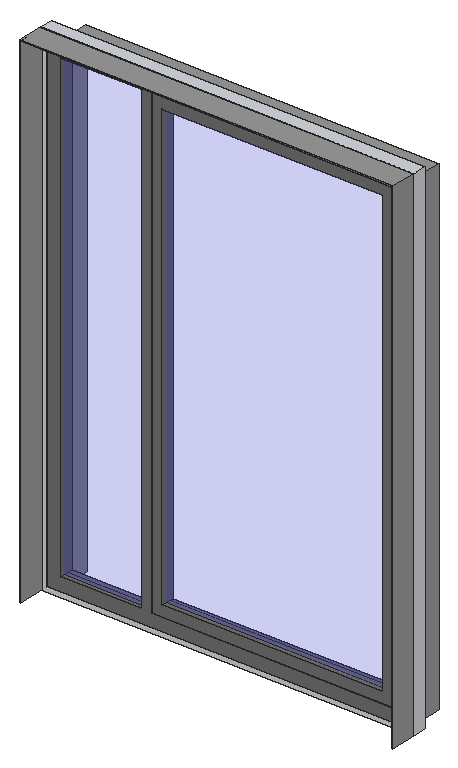
Revit family "AVLN_Балконный блок_2 створки", category Окна, Revit 2021
Family settings
  Основа = Стена
  Номер OmniClass = 23.30.20.00
  Заголовок OmniClass = Windows
  Всегда вертикально = Да
  При загрузке вырезать с полостями = Нет
  Общий = Нет
  Точка принадлежности помещению = Нет
Parameters (values of type "Для Копирования!")
  Ширина среднействорки = 400 mm
  Ширина рамы двери = 50 mm
  Ширина рамы = 70 mm
  Ширина импоста = 50 mm
  Четверть слева/справа = 50 mm
  Четверть окна снизу = 50 mm
  Четверть низ = 0 mm  # constant formula
  Черверть верх = 50 mm
  Толщина основы [instance] = 300 mm
  Створка_толщина = 25 mm  # constant formula
  Створка_Высота = Height - Монтажный зазор_Сверху - Монтажный зазор_Снизу - 2 * Ширина рамы  # 2310 mm
  Створка справа_Ширина = Width - (Монтажный зазор_Слева + Монтажный зазор_Справа + Ширина рамы * 2 + Створка слева_Ширина + Ширина импоста)  # 400 mm
  Створка слева_Ширина = 1200 mm
  Rough Width = Width - Монтажный зазор_Слева - Монтажный зазор_Справа  # 1790 mm
  Rough Height = Height - Монтажный зазор_Сверху - Монтажный зазор_Снизу  # 2450 mm
  Подстановочный профиль_Ширина = 20 mm  # constant formula
  Подстановочный профиль_Толщина = 50 mm
  Подоконник_Толщина = 20 mm
  Подоконник_Длина = 1970 mm
  Подоконник_Глубина = 190 mm
  Подоконник = no
  Отступ.доп.части_Н = 1850 mm
  Отступ.доп.части_В = 1880 mm
  Отлив_Толщина = 1 mm  # constant formula
  Отлив_Длина = 1920 mm
  Отлив_Глубина = 200 mm
  Отлив = no
  Открывание окно_Справа = АВЛН_Створка открывная : Створка глухая
  Открывание окно_Слева = АВЛН_Створка открывная : Створка глухая
  Откос_Н.Ширина = ADSK_Размер_Ширина - 2 * [Четверть слева/справа]  # 1750 mm
  Откос_Н.Толщина.8 = 32 mm
  Откос_Н.Толщина.7 = 28 mm
  Откос_Н.Толщина.6 = 24 mm
  Откос_Н.Толщина.5 = 20 mm
  Откос_Н.Толщина.4 = 16 mm
  Откос_Н.Толщина.3 = 12 mm
  Откос_Н.Толщина.2 = 8 mm
  Откос_Н.Толщина.1 = 4 mm
  Откос_Н.Отступ = Монтажный зазор_Снизу  # 20 mm
  Откос_Н.Отступ от уровня = Монтажный зазор_Снизу  # 20 mm
  Откос_Н.Количество слоев = 1
  Откос_Н.Глубина = 150 mm
  Откос_Н.Высота = ADSK_Размер_Высота - Черверть верх  # 2450 mm
  Откос_В.Толщина.8 = 32 mm
  Откос_В.Толщина.7 = 28 mm
  Откос_В.Толщина.6 = 24 mm
  Откос_В.Толщина.5 = 20 mm
  Откос_В.Толщина.4 = 16 mm
  Откос_В.Толщина.3 = 12 mm
  Откос_В.Толщина.2 = 8 mm
  Откос_В.Толщина.1 = 4 mm
  Откос_В.Количество слоев = 1
  Откос_В.Глубина = 130 mm
  Откос.Отступ [instance] = 0 mm
  Определить тепловые свойства по = Тип схем
  Монтажный зазор_Справа = 30 mm
  Монтажный зазор_Снизу = 20 mm
  Монтажный зазор_Слева = 30 mm
  Монтажный зазор_Сверху = 30 mm
  М.Стекла = Стекло
  М.Рамы = AVLN_Материал импоста_RAL 7024
  М.Подоконный профиль = Рама
  М.Подоконник = none
  М.Откос_Н.8 = none
  М.Откос_Н.7 = none
  М.Откос_Н.6 = none
  М.Откос_Н.5 = none
  М.Откос_Н.4 = none
  М.Откос_Н.3 = none
  М.Откос_Н.2 = none
  М.Откос_Н.1 = Штукатурка наружных откосов
  М.Откос_В.8 = none
  М.Откос_В.7 = none
  М.Откос_В.6 = none
  М.Откос_В.5 = none
  М.Откос_В.4 = none
  М.Откос_В.3 = none
  М.Откос_В.2 = none
  М.Откос_В.1 = Штукатурка внутренних откосов
  М.Монтажного зазора = none
  Type Comments = ""
  Дверь_Правая_ПравоеОткр = and(Дверь справа, Дверь.Открывание.Право)  # yes
  Дверь_Правая_ЛевоеОткр = and(Дверь справа, Дверь.Открывание.Лево)  # no
  Дверь_Левая_ПравоеОткр = and(Дверь слева, Дверь.Открывание.Право)  # no
  Дверь_Левая_ЛевоеОткр = and(Дверь слева, Дверь.Открывание.Лево)  # no
  Дверь.Открывание.Право = yes
  Дверь.Открывание.Лево = not(Дверь.Открывание.Право)  # no
  Дверь.Откидывание = yes
  Дверь справа = yes
  Дверь слева = not(Дверь справа)  # no
  Дверь заполнение_Справа = АВЛН_Дверь балконная : Остекленная
  Дверь заполнение_Слева = АВЛН_Дверь балконная : Остекленная
  Глубина вставки = 0 mm
  Высота установки ручки.Дверь = 900 mm
  Высота подоконника по умолчанию = 0 mm
  Height = 2500 mm
  Замыкание стены = По основе
  Width = 1850 mm
  Аналитическая конструкция = "<Нет>"
  АВЛН_Площаль откосов наружных = (ADSK_Размер_Высота * 2 + ADSK_Размер_Ширина) * 150 mm  # 1.0275 m²
  АВЛН_Площаль откосов внутренних = (ADSK_Размер_Высота * 2 + ADSK_Размер_Ширина) * 180 mm  # 1.233 m²
  ADSK_Этаж [instance] = ""
  ADSK_Размер_Ширина = Width  # 1850 mm
  ADSK_Размер_Высота = Height  # 2500 mm
  ADSK_Примечание [instance] = ""
  ADSK_Обозначение = "ГОСТ 30674-99 ГОСТ 30970-2014"
  ADSK_Номер секции [instance] = ""
  ADSK_Наименование = ""
  ADSK_Марка = "ДБ-1"
  ADSK_Группирование = ""
  30/90 = yes
  -----------Разрезка----------- = "-----------"  # constant formula
  -----------Профили----------- = "-----------"  # constant formula
  -----------Подоконник----------- = "-----------"  # constant formula
  -----------Отлив----------- = "-----------"  # constant formula
  -----------Откос----------- = "-----------"  # constant formula
  -----------Основные габариты----------- = "-----------"  # constant formula
  -----------Вставка----------- = "-----------"  # constant formula
Reference planes
  plane 1 "По центру (Вперед/Назад)": y = 0
  plane 2 "По центру (Влево/Вправо)": x = 0
  plane 3 "Наружный": y = 150
  plane 4 "Внутренние": y = -150
  plane 5 "Окно": y = 150
  plane 6: y = 450
  plane 7: y = -450
  plane 8 "Внутренняя граница": y = 80
  plane 9 "336": x = 925
  plane 10 "339": z = 2500
  plane 11: z = 2470
  plane 12: x = 895
  plane 13: z = 20
  plane 14: x = 875
  plane 15: z = 1090
  plane 16: z = 2450
  plane 17 "340": z = 0
  plane 18: z = 2400
  plane 19: x = -825
  plane 20: x = -895
  plane 21: x = -925
  plane 22: x = -875
  plane 23 "343": x = 825
  plane 24: z = 2090
  plane 25: z = 90
  plane 26: z = 2140
  plane 27: z = 2270
  plane 28: x = 225
  plane 29: x = -375
  plane 30: x = -425
  plane 31: x = -625
  plane 32: z = 1015
  plane 33: z = 965
  plane 34: z = 1552.5
  plane 35: z = 527.5
Forms (mm)
  Extrusion 1, void
    sketch origin (0, 150, 0) x (1, 0, 0) y (0, 0, 1)
      loop
        line (925, 2500) -> (-925, 2500) -> (-925, 0) -> (925, 0) -> (925, 2500)
    from 0 to 600
  Extrusion 2, void
    sketch origin (-1796.563, 150, 0) x (-1, 0, 0) y (0, 0, -1)
      loop
        line (-921.563, -2450) -> (-921.563, 0) -> (-2671.563, 0) -> (-2671.563, -2450) -> (-921.563, -2450)
    from -300 to 0
  Extrusion 3, solid, material "AVLN_Материал импоста_RAL 7024" <- "М.Рамы", detail levels medium+fine
    sketch origin (-1890, 150, 0) x (-1, 0, 0) y (0, 0, -1)
      loop
        line (-995, -20) -> (-2785, -20) -> (-2785, -2470) -> (-995, -2470) -> (-995, -20)
      loop
        line (-2715, -90) -> (-2715, -2400) -> (-1515, -2400) -> (-1515, -90) -> (-2715, -90)
      loop
        line (-1065, -90) -> (-1465, -90) -> (-1465, -2400) -> (-1065, -2400) -> (-1065, -90)
    from 0 to 70
  Extrusion 4, solid, material <- "М.Монтажного зазора", detail levels medium+fine
    sketch origin (-1796.563, -150, 0) x (-1, 0, 0) y (0, 0, -1)
      loop
        line (-2721.563, 0) -> (-2721.563, -2500) -> (-871.563, -2500) -> (-871.563, 0) -> (-2721.563, 0)
      loop
        line (-901.563, -2470) -> (-901.563, -20) -> (-2691.563, -20) -> (-2691.563, -2470) -> (-901.563, -2470)
    from -300 to -230
Cuts and joins
  Extrusion 2 cuts Extrusion 3
  Extrusion 2 cuts Extrusion 4
Lines and regions (mm)
  symbolic lines
    curve 1: line (-375, 150, 0) -> (-925, 150, 0)
    curve 2: line (-375, 80, 0) -> (-375, 150, 0)
    curve 3: line (-925, 80, 0) -> (-375, 80, 0)
    curve 4: line (-925, 150, 0) -> (-925, 80, 0)
    curve 5: line (-895, 150, 0) -> (-895, 80, 0)
    curve 6: line (-425, 150, 0) -> (-425, 80, 0)
    curve 7: line (925, 150, 0) -> (825, 150, 0)
    curve 8: line (925, 80, 0) -> (925, 150, 0)
    curve 9: line (825, 80, 0) -> (925, 80, 0)
    curve 10: line (825, 150, 0) -> (825, 80, 0)
  reference lines
    curve 11: line (-400, 150, 2500) -> (-400, 150, 0)
Text (mm)
  text "EXTERIOR" at (-1963.203, 1332.353, 0), in view "Опорный уровень"
  text "INTERIOR" at (-1981.466, -818.386, 0), in view "Опорный уровень"
  text "Наружный" at (0, 923.751, 2943.296), in view "Справа"
  text "Наружный" at (0, 1240.237, 2685.409), in view "Слева"
Dimensions and locks
  locked: plane 3 "Наружный" to host wall
  locked: plane 4 "Внутренние" to host wall
  "Глубина вставки": plane 5 "Окно" to plane 3 "Наружный"
  locked: plane 3 "Наружный" to plane 6 at 300
  locked: plane 7 to plane 4 "Внутренние" at 300
  "Ширина рамы": plane 5 "Окно" to plane 8 "Внутренняя граница"
  "Толщина основы": host wall to host wall
  "ADSK_Размер_Высота": level to plane 10 "339"
  "Монтажный зазор_Справа": plane 9 "336" to plane 12
  "Монтажный зазор_Сверху": plane 11 to plane 10 "339"
  "Четверть слева/справа": plane 9 "336" to plane 14
  "Черверть верх": plane 16 to plane 10 "339"
  "Ширина рамы": plane 18 to plane 11
  "Монтажный зазор_Слева": plane 20 to plane 21
  "Ширина рамы": plane 19 to plane 20
  "Четверть слева/справа": plane 22 to plane 21
  "Ширина рамы": plane 12 to plane 23 "343"
  equal spacing: plane 23 "343", plane 2 "По центру (Влево/Вправо)", plane 19
  equal spacing: plane 24, plane 15, plane 25
  "Ширина рамы": plane 25 to plane 13
  "Ширина импоста": plane 26 to plane 24
  plane 26 to plane 24 = 50 mm
  equal spacing: plane 18, plane 27, plane 26
  locked: plane 24 to plane 25 at 2000
  "Width": plane 9 "336" to plane 21
  level to plane 15 to plane 10 "339" = 1090 mm, 1410 mm
  "Монтажный зазор_Снизу": level to plane 13
  "Створка слева_Ширина": plane 23 "343" to plane 29
  "Ширина импоста": plane 29 to plane 30
  equal spacing: plane 23 "343", plane 28, plane 29
  equal spacing: plane 19, plane 31, plane 30
  equal spacing: plane 25, plane 35, plane 33
  equal spacing: plane 32, plane 34, plane 24
  equal spacing: plane 29, curve 11, plane 30
  aligned and locked: plane 5 "Окно" to Extrusion 1
  aligned and locked: Extrusion 1 to plane 7
  aligned and locked: plane 16 to Extrusion 2 sketch curve
  aligned and locked: Extrusion 2 sketch curve to plane 17 "340"
  aligned and locked: Extrusion 3 sketch curve to plane 20
  aligned and locked: Extrusion 3 sketch curve to plane 13
  aligned and locked: Extrusion 3 sketch curve to plane 12
  aligned and locked: plane 11 to Extrusion 3 sketch curve
  aligned and locked: plane 23 "343" to Extrusion 3
  aligned and locked: Extrusion 3 to plane 25
  aligned and locked: Extrusion 1 sketch curve to plane 10 "339"
  aligned and locked: plane 9 "336" to Extrusion 1 sketch curve
  aligned and locked: Extrusion 1 sketch curve to plane 17 "340"
  aligned and locked: plane 21 to Extrusion 1 sketch curve
  aligned and locked: nested 4 to plane 8 "Внутренняя граница"
  aligned and locked: plane 8 "Внутренняя граница" to nested 3
  aligned and locked: Extrusion 2 to plane 5 "Окно"
  aligned and locked: Extrusion 3 to plane 8 "Внутренняя граница"
  aligned and locked: plane 5 "Окно" to Extrusion 3
  aligned and locked: plane 6 to Extrusion 2
  aligned and locked: nested 6 to plane 2 "По центру (Влево/Вправо)"
  aligned and locked: plane 10 "339" to nested 6
  aligned and locked: plane 2 "По центру (Влево/Вправо)" to nested 2
  aligned and locked: plane 2 "По центру (Влево/Вправо)" to nested 1
  aligned and locked: nested 2 to plane 5 "Окно"
  aligned and locked: plane 8 "Внутренняя граница" to nested 1
  aligned and locked: plane 28 to nested 5
  aligned and locked: plane 29 to Extrusion 3 sketch curve
  aligned and locked: plane 30 to Extrusion 3 sketch curve
  aligned and locked: Extrusion 3 sketch curve to plane 19
  aligned and locked: plane 25 to Extrusion 3 sketch curve
  aligned and locked: Extrusion 3 sketch curve to plane 25
  aligned and locked: nested 3 to plane 29
  aligned and locked: plane 14 to Extrusion 2
  aligned and locked: Extrusion 2 to plane 22
  aligned and locked: plane 5 "Окно" to curve 1
  aligned and locked: curve 3 to plane 8 "Внутренняя граница"
  aligned and locked: curve 4 to plane 21
  aligned and locked: curve 2 to nested 3
  aligned and locked: curve 9 to plane 8 "Внутренняя граница"
  aligned and locked: nested 4 to curve 10
  aligned and locked: plane 5 "Окно" to curve 7
  aligned and locked: plane 9 "336" to curve 8
  aligned and locked: curve 6 to plane 30
  aligned and locked: curve 5 to plane 20
  aligned and locked: cut or joined group of Extrusion 2, Extrusion 4 to plane 11
  aligned and locked: cut or joined group of Extrusion 2, Extrusion 4 to plane 20
  aligned and locked: cut or joined group of Extrusion 2, Extrusion 4 to plane 12
  aligned and locked: plane 9 "336" to cut or joined group of Extrusion 2, Extrusion 4
  aligned and locked: cut or joined group of Extrusion 2, Extrusion 4 to plane 10 "339"
  aligned and locked: cut or joined group of Extrusion 2, Extrusion 4 to plane 21
  aligned and locked: cut or joined group of Extrusion 2, Extrusion 4 to level
  aligned and locked: cut or joined group of Extrusion 2, Extrusion 4 to plane 13
  aligned and locked: plane 5 "Окно" to cut or joined group of Extrusion 2, Extrusion 4
  aligned and locked: cut or joined group of Extrusion 2, Extrusion 4 to plane 8 "Внутренняя граница"
  aligned and locked: plane 31 to nested 9
  aligned and locked: nested 11 to plane 28
  aligned and locked: nested 10 to plane 31
  aligned and locked: level to curve 11
  aligned and locked: plane 10 "339" to curve 11
  aligned and locked: nested 4 to plane 23 "343"
  aligned and locked: nested 13 to plane 30
  aligned and locked: nested 12 to plane 22
  aligned and locked: nested 13 to plane 8 "Внутренняя граница"
  aligned and locked: plane 8 "Внутренняя граница" to nested 12
  aligned and locked: cut or joined group of Extrusion 2, Extrusion 3 to plane 18  (x2)
  aligned and locked: plane 25 to nested 5
  aligned and locked: plane 25 to nested 9
  aligned and locked: nested 10 to plane 25
  aligned and locked: nested 11 to plane 25
Automatic sketch dimensions
  plane 18 to Extrusion 3 sketch curve = 0 mm  (x2)
  plane 9 "336" to Extrusion 2 sketch curve = 50 mm
  Extrusion 2 sketch curve to plane 31 = 250 mm
  Extrusion 4 sketch curve to Extrusion 4 sketch curve = 30 mm  (x3)
  Extrusion 4 sketch curve to plane 21 = 30 mm
  level to Extrusion 4 sketch curve = 0 mm
  Extrusion 4 sketch curve to Extrusion 4 sketch curve = 20 mm
  Extrusion 4 sketch curve to plane 10 "339" = 30 mm
  plane 9 "336" to Extrusion 4 sketch curve = 30 mm
  plane 23 "343" to Extrusion 3 sketch curve = 0 mm
Nested families
  nested 1: "AVLN_Откосы_R19" at (0, -50, 0), Ширина <- "ADSK_Размер_Ширина", Глубина <- "Откос_В.Глубина", Высота <- "ADSK_Размер_Высота", Высота от уровня <- "Высота подоконника по умолчанию", ADSK_Группирование <- "Type Comments", ADSK_Этаж <- "ADSK_Этаж", ADSK_Номер секции <- "ADSK_Номер секции", Материал_1 <- "М.Откос_В.1", Материал_2 <- "М.Откос_В.2", Материал_3 <- "М.Откос_В.3", Материал_4 <- "М.Откос_В.4", Материал_5 <- "М.Откос_В.5", Материал_6 <- "М.Откос_В.6", Материал_7 <- "М.Откос_В.7", Материал_8 <- "М.Откос_В.8", Толщина_1 <- "Откос_В.Толщина.1", Толщина_2 <- "Откос_В.Толщина.2", Толщина_3 <- "Откос_В.Толщина.3", Толщина_4 <- "Откос_В.Толщина.4", Толщина_5 <- "Откос_В.Толщина.5", Толщина_6 <- "Откос_В.Толщина.6", Толщина_7 <- "Откос_В.Толщина.7", Толщина_8 <- "Откос_В.Толщина.8", Количество слоев <- "Откос_В.Количество слоев", Отступ_Л <- "Откос.Отступ", Отступ_П <- "Откос.Отступ", Отступ.доп.части <- "Отступ.доп.части_В", type "AVLN_Откосы_R19", detail levels fine
    with Ширина_8 1626 mm, Ширина_7 1682 mm, Ширина_6 1730 mm, Ширина_5 1770 mm, Ширина_4 1802 mm, Ширина_3 1826 mm, Ширина_2 1842 mm, Ширина 1850 mm, Толщина_8 32 mm, Толщина_7 28 mm, Толщина_6 24 mm, Толщина_5 20 mm, Толщина_4 16 mm, Толщина_3 12 mm, Толщина_2 8 mm, Толщина_1 4 mm, Отступ_П 0 mm, Отступ_Л 0 mm, Отступ.доп.части 1880 mm, Материал_8 none, Материал_7 none, Материал_6 none, Материал_5 none, Материал_4 none, Материал_3 none, Материал_2 none, Материал_1 Штукатурка внутренних откосов, Количество слоев 1, Глубина 130 mm, Высота_8 2388 mm, Высота_7 2416 mm, Высота_6 2440 mm, Высота_5 2460 mm, Высота_4 2476 mm, Высота_3 2488 mm, Высота_2 2496 mm, Высота.доп.части 0 mm, Высота от уровня 0 mm, Высота 2500 mm, Видимость_8 no, Видимость_7 no, Видимость_6 no, Видимость_5 no, Видимость_4 no, Видимость_3 no, Видимость_2 no, Видимость_1 yes, Видимость.доп.части yes, ВД.8 no, ВД.7 no, ВД.6 no, ВД.5 no, ВД.4 no, ВД.3 no, ВД.2 no, ВД.1 yes, ADSK_Этаж "", ADSK_Номер секции "", ADSK_Группирование ""
  nested 2: "AVLN_Откосы_R19" at (0, 150, -40), Ширина <- "Откос_Н.Ширина", Глубина <- "Откос_Н.Глубина", Высота <- "Откос_Н.Высота", Высота от уровня <- "Откос_Н.Отступ от уровня", ADSK_Группирование <- "Type Comments", ADSK_Этаж <- "ADSK_Этаж", ADSK_Номер секции <- "ADSK_Номер секции", Материал_1 <- "М.Откос_Н.1", Материал_2 <- "М.Откос_Н.2", Материал_3 <- "М.Откос_Н.3", Материал_4 <- "М.Откос_Н.4", Материал_5 <- "М.Откос_Н.5", Материал_6 <- "М.Откос_Н.6", Материал_7 <- "М.Откос_Н.7", Материал_8 <- "М.Откос_Н.8", Толщина_1 <- "Откос_Н.Толщина.1", Толщина_2 <- "Откос_Н.Толщина.2", Толщина_3 <- "Откос_Н.Толщина.3", Толщина_4 <- "Откос_Н.Толщина.4", Толщина_5 <- "Откос_Н.Толщина.5", Толщина_6 <- "Откос_Н.Толщина.6", Толщина_7 <- "Откос_Н.Толщина.7", Толщина_8 <- "Откос_Н.Толщина.8", Количество слоев <- "Откос_Н.Количество слоев", Отступ_Л <- "Откос_Н.Отступ", Отступ_П <- "Откос_Н.Отступ", Отступ.доп.части <- "Отступ.доп.части_Н", type "AVLN_Откосы_R19", detail levels fine
    with Ширина_8 1526 mm, Ширина_7 1582 mm, Ширина_6 1630 mm, Ширина_5 1670 mm, Ширина_4 1702 mm, Ширина_3 1726 mm, Ширина_2 1742 mm, Ширина 1750 mm, Толщина_8 32 mm, Толщина_7 28 mm, Толщина_6 24 mm, Толщина_5 20 mm, Толщина_4 16 mm, Толщина_3 12 mm, Толщина_2 8 mm, Толщина_1 4 mm, Отступ_П 20 mm, Отступ_Л 20 mm, Отступ.доп.части 1850 mm, Материал_8 none, Материал_7 none, Материал_6 none, Материал_5 none, Материал_4 none, Материал_3 none, Материал_2 none, Материал_1 Штукатурка наружных откосов, Количество слоев 1, Глубина 150 mm, Высота_8 2338 mm, Высота_7 2366 mm, Высота_6 2390 mm, Высота_5 2410 mm, Высота_4 2426 mm, Высота_3 2438 mm, Высота_2 2446 mm, Высота.доп.части 0 mm, Высота от уровня 20 mm, Высота 2450 mm, Видимость_8 no, Видимость_7 no, Видимость_6 no, Видимость_5 no, Видимость_4 no, Видимость_3 no, Видимость_2 no, Видимость_1 yes, Видимость.доп.части yes, ВД.8 no, ВД.7 no, ВД.6 no, ВД.5 no, ВД.4 no, ВД.3 no, ВД.2 no, ВД.1 yes, ADSK_Этаж "", ADSK_Номер секции "", ADSK_Группирование ""
  nested 3: "АС-Обозначение на плане двупольная" at (-375, 80, 0) x (-1, 0, 0) z (0, 0, 1), Коробка.Толщина <- "Ширина рамы", Коробка.Ширина <- "Ширина импоста", Rough Width <- "Створка слева_Ширина", visible <- "Дверь_Правая_ЛевоеОткр", type "АС-Стандарт"
    with Width 1251 mm, built-in parameter 1001302 50 mm, Rough Width 1200 mm, Монтажный зазор.Ширина сбоку 1 mm, Коробка.Ширина 50 mm, Коробка.Толщина 70 mm, Height 2000 mm
  nested 4: "АС-Обозначение на плане двупольная" at (825, 80, 0), Коробка.Толщина <- "Ширина рамы", Коробка.Ширина <- "Ширина импоста", Rough Width <- "Створка слева_Ширина", visible <- "Дверь_Правая_ПравоеОткр", type "АС-Стандарт"
    with Width 1251 mm, built-in parameter 1001302 50 mm, Rough Width 1200 mm, Монтажный зазор.Ширина сбоку 1 mm, Коробка.Ширина 50 mm, Коробка.Толщина 70 mm, Height 2000 mm
  nested 5: "АВЛН_Дверь балконная" at (225, 150, 1245) x (-1, 0, 0) z (0, -1, 0), Дверь высота <- "Створка_Высота", Ручка высота <- "Высота установки ручки.Дверь", Корбка толщина <- "Ширина рамы двери", type <- "Дверь заполнение_Справа", Правая <- "Дверь.Открывание.Лево", Левая <- "Дверь.Открывание.Право", Откидная <- "Дверь.Откидывание", М.ПП <- "М.Рамы", М.Р <- "М.Рамы", М.С <- "М.Стекла", Дверь ширина <- "Створка слева_Ширина", visible <- "Дверь справа", type "Остекленная", detail levels medium+fine
    with Ручка высота 900 mm, Правая no, Откидная yes, М.С Стекло, М.Р AVLN_Материал импоста_RAL 7024, М.ПП AVLN_Материал импоста_RAL 7024, Левая yes, Корбка толщина 50 mm, Дверь ширина 1200 mm, Дверь высота 2310 mm
  nested 6: "AVLN_Обозначение проема" at (0, 150, 1250) x (0, 0, -1) z (0, -1, 0), ADSK_Размер_Высота <- "ADSK_Размер_Ширина", ADSK_Размер_Ширина <- "ADSK_Размер_Высота", type "AVLN_Обозначение проема", detail levels coarse
    with Длина 200 mm, ADSK_Размер_Ширина 2500 mm, ADSK_Размер_Высота 1850 mm
  nested 7: "Откос_R19" at (0, 15, 0), type "Откос_R19"
    with Площадь 0.8905 m², Отступ_П 0 mm, Отступ_Л 0 mm, Материал Штукатурка внутренних откосов, Видимость yes, ADSK_Этаж "", ADSK_Размер_Ширина 1850 mm, ADSK_Размер_Толщина 4 mm, ADSK_Размер_Глубина 130 mm, ADSK_Размер_Высота 2500 mm, ADSK_Номер секции "", ADSK_Группирование ""
  nested 8: "Откос_R19" at (0, 225, -20), type "Откос_R19"
    with Площадь 0.9975 m², Отступ_П 20 mm, Отступ_Л 20 mm, Материал Штукатурка наружных откосов, Видимость yes, ADSK_Этаж "", ADSK_Размер_Ширина 1750 mm, ADSK_Размер_Толщина 4 mm, ADSK_Размер_Глубина 150 mm, ADSK_Размер_Высота 2450 mm, ADSK_Номер секции "", ADSK_Группирование ""
  nested 9: "АВЛН_Дверь балконная" at (-625, 150, 1245) x (-1, 0, 0) z (0, -1, 0), Дверь высота <- "Створка_Высота", Ручка высота <- "Высота установки ручки.Дверь", Корбка толщина <- "Ширина рамы двери", type <- "Дверь заполнение_Слева", Правая <- "Дверь.Открывание.Лево", Левая <- "Дверь.Открывание.Право", Откидная <- "Дверь.Откидывание", М.ПП <- "М.Рамы", М.Р <- "М.Рамы", М.С <- "М.Стекла", Дверь ширина <- "Створка справа_Ширина", visible <- "Дверь слева", type "Остекленная", detail levels medium+fine
    with Ручка высота 900 mm, Правая no, Откидная yes, М.С Стекло, М.Р AVLN_Материал импоста_RAL 7024, М.ПП AVLN_Материал импоста_RAL 7024, Левая yes, Корбка толщина 50 mm, Дверь ширина 400 mm, Дверь высота 2310 mm
  nested 10: "АВЛН_Створка открывная" at (-625, 80, 1245) x (-1, 0, 0) z (0, 1, 0), Створка ширина <- "Створка справа_Ширина", Ширина рамы <- "Створка_толщина", type <- "Открывание окно_Слева", Материал_Рама <- "М.Рамы", Материал_Стеклопакет <- "М.Стекла", Материал_Ручки <- "М.Рамы", visible <- "Дверь справа", Створка высота <- "Створка_Высота", type "Створка глухая", detail levels medium+fine
    with Ширина рамы 25 mm, Створка ширина 400 mm, Створка высота 2310 mm, Материал_Стеклопакет Стекло, Материал_Ручки AVLN_Материал импоста_RAL 7024, Материал_Рама AVLN_Материал импоста_RAL 7024, Width 600 mm, Height 1150 mm
  nested 11: "АВЛН_Створка открывная" at (225, 80, 1245) x (-1, 0, 0) z (0, 1, 0), Створка ширина <- "Створка слева_Ширина", Ширина рамы <- "Створка_толщина", type <- "Открывание окно_Справа", Материал_Рама <- "М.Рамы", Материал_Стеклопакет <- "М.Стекла", Материал_Ручки <- "М.Рамы", visible <- "Дверь слева", Створка высота <- "Створка_Высота", type "Створка глухая", detail levels medium+fine
    with Ширина рамы 25 mm, Створка ширина 1200 mm, Створка высота 2310 mm, Материал_Стеклопакет Стекло, Материал_Ручки AVLN_Материал импоста_RAL 7024, Материал_Рама AVLN_Материал импоста_RAL 7024, Width 600 mm, Height 1150 mm
  nested 12: "АС-Обозначение на плане двупольная" at (-875, 80, 0) x (-1, 0, 0) z (0, 0, 1), Коробка.Толщина <- "Ширина рамы", Коробка.Ширина <- "Ширина импоста", Rough Width <- "Створка справа_Ширина", visible <- "Дверь_Левая_ЛевоеОткр", type "АС-Стандарт"
    with Width 451 mm, built-in parameter 1001302 50 mm, Rough Width 400 mm, Монтажный зазор.Ширина сбоку 1 mm, Коробка.Ширина 50 mm, Коробка.Толщина 70 mm, Height 2000 mm
  nested 13: "АС-Обозначение на плане двупольная" at (-425, 80, 0), Коробка.Толщина <- "Ширина рамы", Коробка.Ширина <- "Ширина импоста", Rough Width <- "Створка справа_Ширина", visible <- "Дверь_Левая_ПравоеОткр", type "АС-Стандарт"
    with Width 451 mm, built-in parameter 1001302 50 mm, Rough Width 400 mm, Монтажный зазор.Ширина сбоку 1 mm, Коробка.Ширина 50 mm, Коробка.Толщина 70 mm, Height 2000 mm
Definition of nested family "АВЛН_Дверь балконная"
  Parameters (values of type "Остекленная")
    Width = 740 mm
    Стекло заполнение сверху = no
    Стекло сплошное заполнение = yes
    Ручка высота [instance] = 985 mm
    Правая [instance] = no
    Default Elevation = 0 mm
    Откидная [instance] = no
    Define Thermal Properties by = 1
    М.С [instance] = none
    М.Р [instance] = none
    М.ПП [instance] = none
    Левая [instance] = no
    Корбка толщина [instance] = 25 mm
    Импост = no
    Дверь ширина [instance] = 1050 mm
    Дверь высота [instance] = 2100 mm
    Глухое заполнение снизу = no
    Height = 2100 mm
    Analytic Construction = "<Нет>"
  Types (3, lengths in mm): name | Width | Стекло заполнение сверху | Стекло сплошное заполнение | Импост | Глухое заполнение снизу | Height
    Глухое заполнение снизу | 1200 | yes | no | yes | yes | 2000
    Остекленная с импостом | 740 | no | yes | yes | no | 2100
    Остекленная | 740 | no | yes | no | no | 2100
  Reference planes
    plane 1 "По центру (Вперед/Назад)": y = 0
    plane 2: z = 0
    plane 3 "По центру (Влево/Вправо)": x = 0
    plane 4: y = 1050
    plane 5 "Основание двери": y = -1050
    plane 6: x = 525
    plane 7: x = -525
    plane 8: y = 0
    plane 9: x = 500
    plane 10: y = -1025
    plane 11: x = -500
    plane 12: y = 1025
    plane 13: z = 70
    plane 14: y = -65
  Forms (mm)
    Extrusion 1, solid
      sketch origin (0, 0, 0) x (1, 0, 0) y (0, 1, 0)
        loop
          line (-1970, 1440) -> (-1970, -1672.46) -> (1957.193, -1672.46) -> (1957.193, 1440) -> (-1970, 1440)
      from 0 to -304.8
    Extrusion 2, solid, material <- "М.Р", detail levels medium+fine
      sketch origin (-467.888, -61.043, 0) x (1, 0, 0) y (0, 1, 0)
        loop
          line (-57.112, -988.957) -> (992.888, -988.957) -> (992.888, 1111.043) -> (-57.112, 1111.043) -> (-57.112, -988.957)
        loop
          line (-32.112, 1086.043) -> (-32.112, -963.957) -> (967.888, -963.957) -> (967.888, 1086.043) -> (-32.112, 1086.043)
      from 0 to 70
    Extrusion 3, solid, material <- "М.Р", visible <- "Глухое заполнение снизу", detail levels medium+fine
      sketch origin (-489.421, 311.882, 0) x (1, 0, 0) y (0, 1, 0)
        loop
          line (-10.579, 713.118) -> (-10.579, -1336.882) -> (989.421, -1336.882) -> (989.421, 713.118) -> (-10.579, 713.118)
      from 20 to 45
    Extrusion 4, solid, material <- "М.С", visible <- "Стекло сплошное заполнение", detail levels medium+fine
      sketch origin (932.112, 7.618, 0) x (1, 0, 0) y (0, 1, 0)
        loop
          line (-1432.112, 1017.382) -> (-1432.112, -1032.618) -> (-432.112, -1032.618) -> (-432.112, 1017.382) -> (-1432.112, 1017.382)
      from 20 to 45
  Lines and regions (mm)
    model lines, visible <- "Правая", detail levels medium+fine
      curve 1: line (500, 1025, 45) -> (-500, 0, 45)
      curve 2: line (500, -1025, 45) -> (-500, 0, 45)
      curve 9: line (500, 1025, 20) -> (-500, 0, 20)
      curve 10: line (500, -1025, 20) -> (-500, 0, 20)
    model lines, visible <- "Откидная", detail levels medium+fine
      curve 3: line (-500, -1025, 45) -> (0, 1025, 45)
      curve 4: line (0, 1025, 45) -> (500, -1025, 45)
      curve 11: line (-500, -1025, 20) -> (0, 1025, 20)
      curve 12: line (0, 1025, 20) -> (500, -1025, 20)
    model lines, visible <- "Левая", detail levels medium+fine
      curve 5: line (-500, 1025, 45) -> (500, 0, 45)
      curve 6: line (-500, -1025, 45) -> (500, 0, 45)
      curve 7: line (-500, 1025, 20) -> (500, 0, 20)
      curve 8: line (-500, -1025, 20) -> (500, 0, 20)
    symbolic lines, not visible, detail levels medium+fine
      curve 13: line (873.016, 510.662, 0) -> (1073.016, 510.662, 0)
      curve 14: line (973.016, 410.662, 0) -> (973.016, 610.662, 0)
      curve 15: line (2093.378, 460, 0) -> (2293.378, 460, 0)
      curve 16: line (2193.378, 360, 0) -> (2193.378, 560, 0)
      curve 17: line (-767.079, 635.2, 0) -> (-567.079, 635.2, 0)
      curve 18: line (-667.079, 535.2, 0) -> (-667.079, 735.2, 0)
  Dimensions and locks
    equal spacing: plane 7, plane 3 "По центру (Влево/Вправо)", plane 6
    equal spacing: plane 5 "Основание двери", plane 1 "По центру (Вперед/Назад)", plane 4
    "Дверь высота": plane 4 to plane 5 "Основание двери"
    "Дверь ширина": plane 7 to plane 6
    "Корбка толщина": plane 4 to plane 12
    "Корбка толщина": plane 10 to plane 5 "Основание двери"
    "Корбка толщина": plane 9 to plane 6
    "Корбка толщина": plane 7 to plane 11
    Extrusion 4 to plane 13 = 25 mm
    plane 9 to plane 6 = 25 mm
    plane 7 to plane 11 = 25 mm
    "Ручка высота": plane 14 to plane 5 "Основание двери"
    aligned and locked: Extrusion 1 to plane 2
    aligned and locked: Extrusion 1 to level
    aligned and locked: plane 4 to Extrusion 2
    aligned and locked: Extrusion 2 to plane 12
    aligned and locked: plane 6 to Extrusion 2
    aligned and locked: Extrusion 2 to plane 9
    aligned and locked: Extrusion 2 to plane 5 "Основание двери"
    aligned and locked: plane 10 to Extrusion 2
    aligned and locked: Extrusion 2 to plane 7
    aligned and locked: plane 11 to Extrusion 2
    aligned and locked: plane 12 to Extrusion 4
    aligned and locked: Extrusion 4 to plane 11
    aligned and locked: Extrusion 4 to plane 10
    aligned and locked: plane 9 to Extrusion 4
    aligned and locked: plane 11 to curve 5
    aligned and locked: plane 12 to curve 5
    aligned and locked: plane 12 to curve 7
    aligned and locked: plane 11 to curve 7
    aligned and locked: plane 9 to curve 5
    aligned and locked: plane 1 "По центру (Вперед/Назад)" to curve 5
    aligned and locked: plane 9 to curve 7
    aligned and locked: plane 1 "По центру (Вперед/Назад)" to curve 7
    aligned and locked: Extrusion 2 to level
    aligned and locked: Extrusion 2 sketch curve to plane 9
    aligned and locked: Extrusion 2 sketch curve to plane 6
    aligned and locked: plane 7 to Extrusion 2 sketch curve
    aligned and locked: Extrusion 2 sketch curve to plane 11
    aligned and locked: Extrusion 2 sketch curve to plane 5 "Основание двери"
    aligned and locked: Extrusion 2 sketch curve to plane 10
    aligned and locked: Extrusion 2 sketch curve to plane 4
    aligned and locked: Extrusion 2 sketch curve to plane 12
    aligned and locked: Extrusion 4 sketch curve to plane 12
    aligned and locked: Extrusion 4 sketch curve to plane 10
    aligned and locked: Extrusion 4 sketch curve to plane 9
    aligned and locked: Extrusion 4 sketch curve to plane 11
    aligned and locked: Extrusion 3 sketch curve to plane 9
    aligned and locked: Extrusion 3 sketch curve to plane 11
    aligned and locked: Extrusion 3 sketch curve to plane 10
    aligned and locked: plane 12 to Extrusion 3
  Automatic sketch dimensions
    Extrusion 1 sketch curve to Extrusion 1 sketch curve = 3927.193 mm
    Extrusion 1 sketch curve to Extrusion 1 sketch curve = 3112.46 mm
    curve 1 to plane 9 = 0 mm
    curve 2 to plane 9 = 0 mm
    curve 4 to plane 3 "По центру (Влево/Вправо)" = 0 mm
    plane 1 "По центру (Вперед/Назад)" to curve 1 = 0 mm
    curve 1 to plane 11 = 0 mm
    curve 6 to plane 10 = 0 mm
    curve 6 to plane 11 = 0 mm
    curve 1 to plane 12 = 0 mm
    curve 4 to plane 12 = 0 mm
    curve 4 to plane 10 = 0 mm
    curve 10 to plane 9 = 0 mm
    curve 9 to plane 9 = 0 mm
    curve 11 to plane 3 "По центру (Влево/Вправо)" = 0 mm
    curve 11 to plane 10 = 0 mm
    curve 11 to plane 11 = 0 mm
    plane 1 "По центру (Вперед/Назад)" to curve 10 = 0 mm
    curve 10 to plane 11 = 0 mm
    curve 11 to plane 12 = 0 mm
    curve 9 to plane 12 = 0 mm
    curve 10 to plane 10 = 0 mm
    Extrusion 3 sketch curve to plane 12 = 0 mm
Definition of nested family "Откос_R19"
  Parameters (values of type "Откос_R19")
    Площадь [instance] = (ADSK_Размер_Ширина + 2 * ADSK_Размер_Высота) * ADSK_Размер_Глубина  # 2.93564 m²
    Отступ_П [instance] = 0 mm
    Отступ_Л [instance] = 0 mm
    Материал [instance] = none
    Model = "Внутренний слой откоса"  # constant formula
    Видимость [instance] = yes
    ADSK_Этаж [instance] = ""
    ADSK_Размер_Ширина [instance] = 1880 mm
    ADSK_Размер_Толщина [instance] = 164.158 mm
    ADSK_Размер_Глубина [instance] = 560 mm
    ADSK_Размер_Высота [instance] = 1681.106 mm
    ADSK_Примечание = ""
    ADSK_Обозначение = ""
    ADSK_Номер секции [instance] = ""
    ADSK_Наименование = ""
    ADSK_Марка = ""
    ADSK_Группирование [instance] = ""
  Reference planes
    plane 1 "По центру (Вперед/Назад)": y = 0
    plane 2: z = 0
    plane 3 "По центру (Влево/Вправо)": x = 0
    plane 4: x = -940
    plane 5: x = 940
    plane 6: y = 280
    plane 7: y = -280
    plane 8: x = -775.842
    plane 9: z = 1681.106
    plane 10: z = 0
    plane 11: z = 0
  Forms (mm)
    Sweep 1, solid, material <- "Материал", visible <- "Видимость"
      path origin (0, 0, 0) x (1, 0, 0) y (0, 0, 1)
        loop
          line (940, 0) -> (940, 1681.106) -> (-940, 1681.106) -> (-940, 0)
      profile origin (-940, 0, 840.553) x (0, -1, 0) y (1, 0, 0)
        loop
          line (-280, 0) -> (280, 0) -> (280, 164.158) -> (-280, 164.158) -> (-280, 0)
  Dimensions and locks
    equal spacing: plane 6, plane 1 "По центру (Вперед/Назад)", plane 7
    equal spacing: plane 4, plane 3 "По центру (Влево/Вправо)", plane 5
    "ADSK_Размер_Толщина": plane 4 to plane 8
    "ADSK_Размер_Глубина": plane 6 to plane 7
    "ADSK_Размер_Высота": plane 9 to level
    "ADSK_Размер_Ширина": plane 5 to plane 4
    "Отступ_Л": plane 10 to level
    "Отступ_П": plane 11 to level
    aligned and locked: level to plane 2
    aligned and locked: Sweep 1 sketch curve to plane 4
    aligned and locked: Sweep 1 sketch curve to plane 9
    aligned and locked: Sweep 1 sketch curve to plane 5
    aligned and locked: plane 6 to Sweep 1 sketch curve
    aligned and locked: profile plane to Sweep 1 sketch curve
    aligned and locked: Sweep 1 sketch curve to plane 7
    aligned and locked: plane 8 to Sweep 1 sketch curve
    aligned and locked: plane 10 to Sweep 1 sketch curve
    aligned and locked: plane 11 to Sweep 1 sketch curve
Definition of nested family "АВЛН_Створка открывная"
  Parameters (values of type "Створка повороно-откидная правая")
    Ширина рамы [instance] = 50 mm
    Width = 1600 mm
    Створка ширина [instance] = 800 mm
    Створка высота [instance] = 700 mm
    Define Thermal Properties by = 1
    Материал_Стеклопакет [instance] = none
    Поворотная Правая = yes
    Поворотная Левая = no
    Default Elevation = 1200 mm
    Открываная = yes
    Откидная = yes
    Материал_Ручки [instance] = none
    Материал_Рама [instance] = none
    Левая = yes
    Глухое = no
    Height = 1800 mm
    Analytic Construction = "<Нет>"
  Types (6, lengths in mm): name | Поворотная Правая | Поворотная Левая | Default Elevation | Открываная | Откидная | Глухое
    Створка повороно-откидная правая | yes | no | 1200 | yes | yes | no
    Створка повороно-откидная левая | no | yes | 1219.2 | yes | yes | no
    Створка глухая | no | no | 1219.2 | no | no | yes
    Створка откидная | no | no | 1219.2 | yes | yes | no
    Створка поворотная правая | yes | no | 1219.2 | yes | no | no
    Створка поворотная левая | no | yes | 1219.2 | yes | no | no
  Reference planes
    plane 1 "По центру (Вперед/Назад)": y = 0
    plane 2 "Внутрення грань": z = 0
    plane 3 "По центру (Влево/Вправо)": x = 0
    plane 4: y = 350
    plane 5: x = 400
    plane 6: y = -350
    plane 7: x = -400
    plane 8 "Наружняя грань": z = 60.433
    plane 9 "По центру Л/Р": z = 30.216
  Forms (mm)
    Extrusion 1, solid
      sketch origin (0, 0, 0) x (1, 0, 0) y (0, 1, 0)
        loop
          line (-1219.2, 1219.2) -> (-1219.2, -1219.2) -> (1219.2, -1219.2) -> (1219.2, 1219.2) -> (-1219.2, 1219.2)
      from 0 to -304.8
    Sweep 2, solid, material <- "Материал_Рама", visible <- "Открываная"
      path origin (0, 0, 0) x (1, 0, 0) y (0, 1, 0)
        loop
          line (400, 350) -> (-400, 350) -> (-400, -350) -> (400, -350) -> (400, 350)
      profile origin (0, 350, 0) x (0, -1, 0) y (0, 0, 1)
        loop
          line (0, 0) -> (50, 0) -> (50, 60.433) -> (0, 60.433) -> (0, 0)
    Extrusion 3, solid, material <- "Материал_Стеклопакет", visible <- "Открываная"
      sketch origin (0, 0, 0) x (1, 0, 0) y (0, 1, 0)
        loop
          line (-350, 300) -> (-350, -300) -> (350, -300) -> (350, 300) -> (-350, 300)
      from 17.481 to 42.952
    Extrusion 4, solid, material <- "Материал_Стеклопакет", visible <- "Глухое"
      sketch origin (0, 0, 0) x (1, 0, 0) y (0, 1, 0)
        loop
          line (-400, 350) -> (-400, -350) -> (400, -350) -> (400, 350) -> (-400, 350)
      from 17.481 to 42.952
  Lines and regions (mm)
    model lines, visible <- "Глухое", detail levels medium+fine
      curve 1: line (0, 50, 60.433) -> (0, -50, 60.433)
      curve 2: line (50, 0, 60.433) -> (-50, 0, 60.433)
      curve 17: line (0, 50, 0) -> (0, -50, 0)
      curve 18: line (50, 0, 0) -> (-50, 0, 0)
    model lines, visible <- "Глухое", not visible, detail levels medium+fine
      curve 3: line (60, 38.001, 60.433) -> (60, -61.999, 60.433)
      curve 4: line (110, -11.999, 60.433) -> (10, -11.999, 60.433)
    model lines, visible <- "Поворотная Левая", detail levels medium+fine
      curve 5: line (400, 350, 0) -> (-400, 0, 0)
      curve 6: line (400, -350, 0) -> (-400, 0, 0)
      curve 13: line (400, 350, 60.433) -> (-400, 0, 60.433)
      curve 14: line (400, -350, 60.433) -> (-400, 0, 60.433)
    model lines, visible <- "Откидная", detail levels medium+fine
      curve 7: line (-400, -350, 0) -> (0, 350, 0)
      curve 8: line (0, 350, 0) -> (400, -350, 0)
      curve 15: line (-400, -350, 60.433) -> (0, 350, 60.433)
      curve 16: line (0, 350, 60.433) -> (400, -350, 60.433)
    model lines, visible <- "Поворотная Правая", detail levels medium+fine
      curve 9: line (-400, 350, 0) -> (400, 0, 0)
      curve 10: line (-400, -350, 0) -> (400, 0, 0)
      curve 11: line (-400, 350, 60.433) -> (400, 0, 60.433)
      curve 12: line (-400, -350, 60.433) -> (400, 0, 60.433)
  Dimensions and locks
    "Створка высота": plane 4 to plane 6
    "Створка ширина": plane 7 to plane 5
    equal spacing: plane 7, plane 3 "По центру (Влево/Вправо)", plane 5
    equal spacing: plane 6, plane 1 "По центру (Вперед/Назад)", plane 4
    plane 2 "Внутрення грань" to plane 8 "Наружняя грань" = 60.433 mm
    level to Extrusion 4 = 42.952 mm
    plane 8 "Наружняя грань" to level = 60.433 mm
    equal spacing: Extrusion 3, plane 9 "По центру Л/Р", Extrusion 3
    equal spacing: plane 8 "Наружняя грань", plane 9 "По центру Л/Р", level
    Extrusion 3 to Extrusion 3 = 25.471 mm
    "Ширина рамы": profile plane to Sweep 2 sketch curve
    equal spacing: Extrusion 4, plane 9 "По центру Л/Р", Extrusion 4, locked at 12.735 each
    locked: Extrusion 4 to Extrusion 4 at 25.471
    equal spacing: Sweep 2, nested 1, Sweep 2
    equal spacing: Sweep 2, nested 2, Sweep 2
    aligned and locked: plane 2 "Внутрення грань" to Extrusion 1
    aligned and locked: level to Extrusion 1
    aligned and locked: plane 4 to Sweep 2 sketch curve
    aligned and locked: plane 5 to Sweep 2 sketch curve
    aligned and locked: plane 6 to Sweep 2 sketch curve
    aligned and locked: Sweep 2 sketch curve to plane 7
    aligned and locked: Extrusion 3 sketch curve to Sweep 2  (x4)
    aligned and locked: Extrusion 4 sketch curve to Sweep 2  (x3)
    aligned and locked: Extrusion 4 sketch curve to plane 5
    aligned and locked: Sweep 2 sketch curve to plane 8 "Наружняя грань"
    aligned and locked: plane 6 to Extrusion 4
    aligned and locked: plane 4 to Extrusion 4
    aligned and locked: curve 2 to plane 1 "По центру (Вперед/Назад)"
    aligned and locked: curve 1 to plane 3 "По центру (Влево/Вправо)"
    aligned and locked: curve 18 to plane 1 "По центру (Вперед/Назад)"
    aligned and locked: curve 17 to plane 3 "По центру (Влево/Вправо)"
    aligned and locked: nested 2 to plane 1 "По центру (Вперед/Назад)"
    aligned and locked: nested 1 to plane 1 "По центру (Вперед/Назад)"
  Automatic sketch dimensions
    Extrusion 1 sketch curve to Extrusion 1 sketch curve = 2438.4 mm  (x2)
    plane 1 "По центру (Вперед/Назад)" to curve 5 = 0 mm
    curve 5 to plane 7 = 0 mm
    curve 9 to plane 4 = 0 mm
    curve 9 to plane 7 = 0 mm
    plane 6 to curve 7 = 0 mm
    curve 7 to plane 7 = 0 mm
    curve 7 to plane 3 "По центру (Влево/Вправо)" = 0 mm
    curve 6 to plane 5 = 0 mm
    plane 1 "По центру (Вперед/Назад)" to curve 9 = 0 mm
    curve 9 to plane 5 = 0 mm
    curve 5 to plane 4 = 0 mm
    curve 5 to plane 5 = 0 mm
    plane 6 to curve 8 = 0 mm
    curve 8 to plane 4 = 0 mm
    curve 11 to plane 4 = 0 mm
    curve 11 to plane 7 = 0 mm
    plane 6 to curve 15 = 0 mm
    curve 15 to plane 7 = 0 mm
    plane 1 "По центру (Вперед/Назад)" to curve 14 = 0 mm
    curve 14 to plane 7 = 0 mm
    curve 15 to plane 3 "По центру (Влево/Вправо)" = 0 mm
    plane 1 "По центру (Вперед/Назад)" to curve 11 = 0 mm
    curve 11 to plane 5 = 0 mm
    curve 14 to plane 5 = 0 mm
    curve 13 to plane 4 = 0 mm
    curve 13 to plane 5 = 0 mm
    plane 6 to curve 14 = 0 mm
    curve 15 to plane 4 = 0 mm
    plane 1 "По центру (Вперед/Назад)" to curve 2 = 0 mm
    curve 1 to plane 3 "По центру (Влево/Вправо)" = 0 mm
    curve 2 to plane 3 "По центру (Влево/Вправо)" = 50 mm
    plane 3 "По центру (Влево/Вправо)" to curve 2 = 50 mm
    plane 1 "По центру (Вперед/Назад)" to curve 1 = 50 mm
    curve 1 to plane 1 "По центру (Вперед/Назад)" = 50 mm
    curve 18 to curve 17 = 50 mm
    curve 17 to curve 18 = 50 mm
    plane 1 "По центру (Вперед/Назад)" to curve 17 = 50 mm
    curve 17 to plane 1 "По центру (Вперед/Назад)" = 50 mm
    Sweep 2 sketch curve to level = 0 mm
    Sweep 2 sketch curve to profile plane = 0 mm
  Nested families
    nested 1: "АВЛН_Ручка" at (375, 1040, 0) x (1, 0, 0) z (0, -1, 0), visible <- "Поворотная Правая", Материал дверной ручки <- "Материал_Рама", type "АВЛН_Ручка", detail levels fine
      with Материал дверной ручки none, Высота расположения дверной ручки 1040 mm
    nested 2: "АВЛН_Ручка" at (-375, 1040, 0) x (1, 0, 0) z (0, -1, 0), visible <- "Поворотная Левая", Материал дверной ручки <- "Материал_Рама", type "АВЛН_Ручка", detail levels fine
      with Материал дверной ручки none, Высота расположения дверной ручки 1040 mm
  Definition of nested family "АВЛН_Ручка"
    Parameters (values of type "АВЛН_Ручка")
      Default Elevation = 1219.2 mm
      Материал дверной ручки [instance] = none
      Высота расположения дверной ручки [instance] = 1040 mm
      Analytic Construction = "<Нет>"
      b = 25 mm
      a = 75 mm
    Reference planes
      plane 1 "По центру (Вперед/Назад)": y = 0
      plane 2: z = 0
      plane 3 "По центру (Влево/Вправо)": x = 0
      plane 4: z = 1040
      plane 5: x = 12.5
      plane 6: x = -12.5
      plane 7: z = 1002.5
      plane 8: z = 1077.5
      plane 9: y = -15
    Forms (mm)
      Extrusion 1, solid, material <- "Материал дверной ручки"
        sketch origin (0, 0, 2080) x (-1, 0, 0) y (0, 0, -1)
          loop
            arc (-2.5, 1077.5) -> (-9.571, 1074.571) -> (-12.5, 1067.5) r 10
            line (-12.5, 1067.5) -> (-12.5, 1012.5)
            arc (-12.5, 1012.5) -> (-9.571, 1005.429) -> (-2.5, 1002.5) r 10
            line (-2.5, 1002.5) -> (2.5, 1002.5)
            arc (2.5, 1002.5) -> (9.571, 1005.429) -> (12.5, 1012.5) r 10
            line (12.5, 1012.5) -> (12.5, 1067.5)
            arc (12.5, 1067.5) -> (9.571, 1074.571) -> (2.5, 1077.5) r 10
            line (2.5, 1077.5) -> (-2.5, 1077.5)
        from 0 to 15
      Sweep 2, solid, material <- "Материал дверной ручки"
        path origin (-1040, 0, 1040) x (0, 0, -1) y (0, 1, 0)
          loop
            line (0, -15) -> (0, -38.261)
            arc (0, -38.261) -> (-2.929, -45.332) -> (-10, -48.261) r 10
            line (-10, -48.261) -> (-130, -48.261)
        profile origin (-1040, -26.63, 1040) x (0, 0, -1) y (1, 0, 0)
          loop
            circle (0, 1040) r 8
    Dimensions and locks
      "Высота расположения дверной ручки": plane 4 to level
      "a": plane 7 to plane 8
      "b": plane 6 to plane 5
      plane 6 to plane 5 = 25 mm
      locked: plane 1 "По центру (Вперед/Назад)" to plane 9 at 15
      plane 7 to plane 8 = 75 mm
      aligned and locked: level to plane 2
      aligned and locked: Extrusion 1 sketch curve to plane 7
      aligned and locked: plane 5 to Extrusion 1 sketch curve
      aligned and locked: plane 8 to Extrusion 1 sketch curve
      aligned and locked: Extrusion 1 sketch curve to plane 6
      aligned and locked: Extrusion 1 to plane 1 "По центру (Вперед/Назад)"
    Automatic sketch dimensions
      Sweep 2 sketch curve to plane 9 = 0 mm
      plane 4 to Sweep 2 sketch curve = 10 mm
      plane 9 to Sweep 2 sketch curve = 23.261 mm
      Sweep 2 sketch curve to Sweep 2 sketch curve = 120 mm
      Sweep 2 sketch curve to profile plane = 0 mm
      profile plane to Sweep 2 sketch curve = 1040 mm
      Sweep 2 sketch curve to plane 4 = 0 mm
      plane 3 "По центру (Влево/Вправо)" to Extrusion 1 sketch curve = 2.5 mm  (x2)
      Extrusion 1 sketch curve to plane 3 "По центру (Влево/Вправо)" = 2.5 mm  (x2)
      radius of Sweep 2 sketch curve = 8 mm
Definition of nested family "AVLN_Откосы_R19"
  Parameters (values of type "AVLN_Откосы_R19")
    Ширина_8 [instance] = Ширина_7 - Толщина_7 * 2  # 776 mm
    Ширина_7 [instance] = Ширина_6 - Толщина_6 * 2  # 832 mm
    Ширина_6 [instance] = Ширина_5 - Толщина_5 * 2  # 880 mm
    Ширина_5 [instance] = Ширина_4 - Толщина_4 * 2  # 920 mm
    Ширина_4 [instance] = Ширина_3 - Толщина_3 * 2  # 952 mm
    Ширина_3 [instance] = Ширина_2 - Толщина_2 * 2  # 976 mm
    Ширина_2 [instance] = Ширина - Толщина_1 * 2  # 992 mm
    Ширина [instance] = 1000 mm
    Толщина_8 [instance] = 32 mm
    Толщина_7 [instance] = 28 mm
    Толщина_6 [instance] = 24 mm
    Толщина_5 [instance] = 20 mm
    Толщина_4 [instance] = 16 mm
    Толщина_3 [instance] = 12 mm
    Толщина_2 [instance] = 8 mm
    Толщина_1 [instance] = 4 mm
    Отступ_П [instance] = 0 mm
    Отступ_Л [instance] = 0 mm
    Отступ.доп.части [instance] = 200 mm
    Default Elevation = 1219.2 mm
    Материал_8 [instance] = none
    Материал_7 [instance] = none
    Материал_6 [instance] = none
    Материал_5 [instance] = none
    Материал_4 [instance] = none
    Материал_3 [instance] = none
    Материал_2 [instance] = none
    Материал_1 [instance] = none
    Type Comments = ""
    Количество слоев [instance] = 8
    Глубина [instance] = 200 mm
    Высота_8 [instance] = Высота_7 - Толщина_7  # 1388 mm
    Высота_7 [instance] = Высота_6 - Толщина_6  # 1416 mm
    Высота_6 [instance] = Высота_5 - Толщина_5  # 1440 mm
    Высота_5 [instance] = Высота_4 - Толщина_4  # 1460 mm
    Высота_4 [instance] = Высота_3 - Толщина_3  # 1476 mm
    Высота_3 [instance] = Высота_2 - Толщина_2  # 1488 mm
    Высота_2 [instance] = Высота - Толщина_1  # 1496 mm
    Высота.доп.части [instance] = 200 mm
    Высота от уровня [instance] = 377.189 mm
    Высота [instance] = 1500 mm
    Видимость_8 [instance] = Количество слоев > 7  # yes
    Видимость_7 [instance] = Количество слоев > 6  # yes
    Видимость_6 [instance] = Количество слоев > 5  # yes
    Видимость_5 [instance] = Количество слоев > 4  # yes
    Видимость_4 [instance] = Количество слоев > 3  # yes
    Видимость_3 [instance] = Количество слоев > 2  # yes
    Видимость_2 [instance] = Количество слоев > 1  # yes
    Видимость_1 [instance] = Количество слоев > 0  # yes
    Видимость.доп.части [instance] = no
    ВД.8 [instance] = and(Видимость.доп.части, Видимость_8)  # no
    ВД.7 [instance] = and(Видимость.доп.части, Видимость_7)  # no
    ВД.6 [instance] = and(Видимость.доп.части, Видимость_6)  # no
    ВД.5 [instance] = and(Видимость.доп.части, Видимость_5)  # no
    ВД.4 [instance] = and(Видимость.доп.части, Видимость_4)  # no
    ВД.3 [instance] = and(Видимость.доп.части, Видимость_3)  # no
    ВД.2 [instance] = and(Видимость.доп.части, Видимость_2)  # no
    ВД.1 [instance] = and(Видимость.доп.части, Видимость_1)  # no
    ADSK_Этаж [instance] = ""
    ADSK_Номер секции [instance] = ""
    ADSK_Группирование [instance] = ""
  Reference planes
    plane 1 "По центру (Вперед/Назад)": y = 0
    plane 2: z = 0
    plane 3 "По центру (Влево/Вправо)": x = 0
    plane 4: y = 200
    plane 5: z = 377.189
  Dimensions and locks
    "Глубина": plane 4 to plane 1 "По центру (Вперед/Назад)"
    "Высота от уровня": plane 5 to level
    aligned and locked: level to plane 2
    aligned and locked: plane 3 "По центру (Влево/Вправо)" to nested 1
    aligned and locked: nested 1 to plane 1 "По центру (Вперед/Назад)"
    aligned and locked: plane 3 "По центру (Влево/Вправо)" to nested 2
    aligned and locked: nested 2 to plane 1 "По центру (Вперед/Назад)"
    aligned and locked: plane 3 "По центру (Влево/Вправо)" to nested 3
    aligned and locked: nested 3 to plane 1 "По центру (Вперед/Назад)"
    aligned and locked: plane 3 "По центру (Влево/Вправо)" to nested 4
    aligned and locked: nested 4 to plane 1 "По центру (Вперед/Назад)"
    aligned and locked: plane 3 "По центру (Влево/Вправо)" to nested 5
    aligned and locked: nested 5 to plane 1 "По центру (Вперед/Назад)"
    aligned and locked: plane 3 "По центру (Влево/Вправо)" to nested 6
    aligned and locked: nested 6 to plane 1 "По центру (Вперед/Назад)"
    aligned and locked: plane 3 "По центру (Влево/Вправо)" to nested 7
    aligned and locked: nested 7 to plane 1 "По центру (Вперед/Назад)"
    aligned and locked: plane 3 "По центру (Влево/Вправо)" to nested 8
    aligned and locked: nested 8 to plane 1 "По центру (Вперед/Назад)"
  Nested families
    nested 1: "Откос_R19" at (0, 100, 377.189), ADSK_Размер_Глубина <- "Глубина", built-in parameter 1001364 <- "Высота от уровня", ADSK_Группирование <- "ADSK_Группирование", ADSK_Номер секции <- "ADSK_Номер секции", ADSK_Этаж <- "ADSK_Этаж", visible <- "Видимость_1", Видимость <- "Видимость_1", Материал <- "Материал_1", ADSK_Размер_Высота <- "Высота", ADSK_Размер_Толщина <- "Толщина_1", ADSK_Размер_Ширина <- "Ширина", Отступ_Л <- "Отступ_Л", Отступ_П <- "Отступ_П", type "Откос_R19"
      with Площадь 0.80 m², Отступ_П 0 mm, Отступ_Л 0 mm, Материал none, Видимость yes, ADSK_Этаж "", ADSK_Размер_Ширина 1000 mm, ADSK_Размер_Толщина 4 mm, ADSK_Размер_Глубина 200 mm, ADSK_Размер_Высота 1500 mm, ADSK_Номер секции "", ADSK_Группирование ""
    nested 2: "Откос_R19" at (0, 100, 377.189), ADSK_Размер_Глубина <- "Глубина", built-in parameter 1001364 <- "Высота от уровня", ADSK_Группирование <- "ADSK_Группирование", ADSK_Номер секции <- "ADSK_Номер секции", ADSK_Этаж <- "ADSK_Этаж", visible <- "Видимость_2", Видимость <- "Видимость_2", Материал <- "Материал_2", ADSK_Размер_Высота <- "Высота_2", ADSK_Размер_Толщина <- "Толщина_2", ADSK_Размер_Ширина <- "Ширина_2", Отступ_Л <- "Отступ_Л", Отступ_П <- "Отступ_П", type "Откос_R19"
      with Площадь 0.7968 m², Отступ_П 0 mm, Отступ_Л 0 mm, Материал none, Видимость yes, ADSK_Этаж "", ADSK_Размер_Ширина 992 mm, ADSK_Размер_Толщина 8 mm, ADSK_Размер_Глубина 200 mm, ADSK_Размер_Высота 1496 mm, ADSK_Номер секции "", ADSK_Группирование ""
    nested 3: "Откос_R19" at (0, 100, 377.189), ADSK_Размер_Глубина <- "Глубина", built-in parameter 1001364 <- "Высота от уровня", ADSK_Группирование <- "ADSK_Группирование", ADSK_Номер секции <- "ADSK_Номер секции", ADSK_Этаж <- "ADSK_Этаж", visible <- "Видимость_3", Видимость <- "Видимость_3", Материал <- "Материал_3", ADSK_Размер_Высота <- "Высота_3", ADSK_Размер_Толщина <- "Толщина_3", ADSK_Размер_Ширина <- "Ширина_3", Отступ_Л <- "Отступ_Л", Отступ_П <- "Отступ_П", type "Откос_R19"
      with Площадь 0.7904 m², Отступ_П 0 mm, Отступ_Л 0 mm, Материал none, Видимость yes, ADSK_Этаж "", ADSK_Размер_Ширина 976 mm, ADSK_Размер_Толщина 12 mm, ADSK_Размер_Глубина 200 mm, ADSK_Размер_Высота 1488 mm, ADSK_Номер секции "", ADSK_Группирование ""
    nested 4: "Откос_R19" at (0, 100, 377.189), ADSK_Размер_Глубина <- "Глубина", built-in parameter 1001364 <- "Высота от уровня", ADSK_Группирование <- "ADSK_Группирование", ADSK_Номер секции <- "ADSK_Номер секции", ADSK_Этаж <- "ADSK_Этаж", visible <- "Видимость_4", Видимость <- "Видимость_4", Материал <- "Материал_4", ADSK_Размер_Высота <- "Высота_4", ADSK_Размер_Толщина <- "Толщина_4", ADSK_Размер_Ширина <- "Ширина_4", Отступ_Л <- "Отступ_Л", Отступ_П <- "Отступ_П", type "Откос_R19"
      with Площадь 0.7808 m², Отступ_П 0 mm, Отступ_Л 0 mm, Материал none, Видимость yes, ADSK_Этаж "", ADSK_Размер_Ширина 952 mm, ADSK_Размер_Толщина 16 mm, ADSK_Размер_Глубина 200 mm, ADSK_Размер_Высота 1476 mm, ADSK_Номер секции "", ADSK_Группирование ""
    nested 5: "Откос_R19" at (0, 100, 377.189), ADSK_Размер_Глубина <- "Глубина", built-in parameter 1001364 <- "Высота от уровня", ADSK_Группирование <- "ADSK_Группирование", ADSK_Номер секции <- "ADSK_Номер секции", ADSK_Этаж <- "ADSK_Этаж", visible <- "Видимость_5", Видимость <- "Видимость_5", Материал <- "Материал_5", ADSK_Размер_Высота <- "Высота_5", ADSK_Размер_Толщина <- "Толщина_5", ADSK_Размер_Ширина <- "Ширина_5", Отступ_Л <- "Отступ_Л", Отступ_П <- "Отступ_П", type "Откос_R19"
      with Площадь 0.768 m², Отступ_П 0 mm, Отступ_Л 0 mm, Материал none, Видимость yes, ADSK_Этаж "", ADSK_Размер_Ширина 920 mm, ADSK_Размер_Толщина 20 mm, ADSK_Размер_Глубина 200 mm, ADSK_Размер_Высота 1460 mm, ADSK_Номер секции "", ADSK_Группирование ""
    nested 6: "Откос_R19" at (0, 100, 377.189), ADSK_Размер_Глубина <- "Глубина", built-in parameter 1001364 <- "Высота от уровня", ADSK_Группирование <- "ADSK_Группирование", ADSK_Номер секции <- "ADSK_Номер секции", ADSK_Этаж <- "ADSK_Этаж", visible <- "Видимость_6", Видимость <- "Видимость_6", Материал <- "Материал_6", ADSK_Размер_Высота <- "Высота_6", ADSK_Размер_Толщина <- "Толщина_6", ADSK_Размер_Ширина <- "Ширина_6", Отступ_Л <- "Отступ_Л", Отступ_П <- "Отступ_П", type "Откос_R19"
      with Площадь 0.752 m², Отступ_П 0 mm, Отступ_Л 0 mm, Материал none, Видимость yes, ADSK_Этаж "", ADSK_Размер_Ширина 880 mm, ADSK_Размер_Толщина 24 mm, ADSK_Размер_Глубина 200 mm, ADSK_Размер_Высота 1440 mm, ADSK_Номер секции "", ADSK_Группирование ""
    nested 7: "Откос_R19" at (0, 100, 377.189), ADSK_Размер_Глубина <- "Глубина", built-in parameter 1001364 <- "Высота от уровня", ADSK_Группирование <- "ADSK_Группирование", ADSK_Номер секции <- "ADSK_Номер секции", ADSK_Этаж <- "ADSK_Этаж", visible <- "Видимость_7", Видимость <- "Видимость_7", Материал <- "Материал_7", ADSK_Размер_Высота <- "Высота_7", ADSK_Размер_Толщина <- "Толщина_7", ADSK_Размер_Ширина <- "Ширина_7", Отступ_Л <- "Отступ_Л", Отступ_П <- "Отступ_П", type "Откос_R19"
      with Площадь 0.7328 m², Отступ_П 0 mm, Отступ_Л 0 mm, Материал none, Видимость yes, ADSK_Этаж "", ADSK_Размер_Ширина 832 mm, ADSK_Размер_Толщина 28 mm, ADSK_Размер_Глубина 200 mm, ADSK_Размер_Высота 1416 mm, ADSK_Номер секции "", ADSK_Группирование ""
    nested 8: "Откос_R19" at (0, 100, 377.189), ADSK_Размер_Глубина <- "Глубина", built-in parameter 1001364 <- "Высота от уровня", ADSK_Группирование <- "ADSK_Группирование", ADSK_Номер секции <- "ADSK_Номер секции", ADSK_Этаж <- "ADSK_Этаж", visible <- "Видимость_8", Видимость <- "Видимость_8", Материал <- "Материал_8", ADSK_Размер_Высота <- "Высота_8", ADSK_Размер_Толщина <- "Толщина_8", ADSK_Размер_Ширина <- "Ширина_8", Отступ_Л <- "Отступ_Л", Отступ_П <- "Отступ_П", type "Откос_R19"
      with Площадь 0.7104 m², Отступ_П 0 mm, Отступ_Л 0 mm, Материал none, Видимость yes, ADSK_Этаж "", ADSK_Размер_Ширина 776 mm, ADSK_Размер_Толщина 32 mm, ADSK_Размер_Глубина 200 mm, ADSK_Размер_Высота 1388 mm, ADSK_Номер секции "", ADSK_Группирование ""
  Definition of nested family "Откос_R19"
    Parameters (values of type "Откос_R19")
      Площадь [instance] = (ADSK_Размер_Ширина + 2 * ADSK_Размер_Высота) * ADSK_Размер_Глубина  # 2.93564 m²
      Отступ_П [instance] = 0 mm
      Отступ_Л [instance] = 0 mm
      Материал [instance] = none
      Model = "Внутренний слой откоса"  # constant formula
      Видимость [instance] = yes
      ADSK_Этаж [instance] = ""
      ADSK_Размер_Ширина [instance] = 1880 mm
      ADSK_Размер_Толщина [instance] = 164.158 mm
      ADSK_Размер_Глубина [instance] = 560 mm
      ADSK_Размер_Высота [instance] = 1681.106 mm
      ADSK_Примечание = ""
      ADSK_Обозначение = ""
      ADSK_Номер секции [instance] = ""
      ADSK_Наименование = ""
      ADSK_Марка = ""
      ADSK_Группирование [instance] = ""
    Reference planes
      plane 1 "По центру (Вперед/Назад)": y = 0
      plane 2: z = 0
      plane 3 "По центру (Влево/Вправо)": x = 0
      plane 4: x = -940
      plane 5: x = 940
      plane 6: y = 280
      plane 7: y = -280
      plane 8: x = -775.842
      plane 9: z = 1681.106
      plane 10: z = 0
      plane 11: z = 0
    Forms (mm)
      Sweep 1, solid, material <- "Материал", visible <- "Видимость"
        path origin (0, 0, 0) x (1, 0, 0) y (0, 0, 1)
          loop
            line (940, 0) -> (940, 1681.106) -> (-940, 1681.106) -> (-940, 0)
        profile origin (-940, 0, 840.553) x (0, -1, 0) y (1, 0, 0)
          loop
            line (-280, 0) -> (280, 0) -> (280, 164.158) -> (-280, 164.158) -> (-280, 0)
